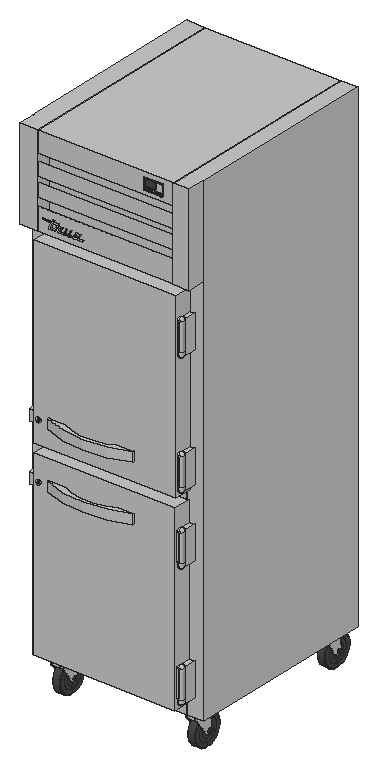
Revit family "QF_TRUE_STG1H-2HS", category Specialty Equipment, Revit 2012
Parameters
  Weight in Pounds = 0
  Watts = 1500 W
  Volts = 208 V
  URL Cutsheet = "www.truemfg.com"
  URL = "www.truemfg.com"
  Type Mark [instance] = ""
  Type Comments = ""
  Status [instance] = ""
  Specification by User [instance] = ""
  Specification by Manufacturer = ""
  Show Seismic Flanged [instance] = no
  Show Logo [instance] = yes
  Show Legs [instance] = no
  Show Clearance [instance] = yes
  Serial Number = ""
  Seismic Rating = ""
  Seismic Plate [instance] = and(Show Seismic Flanged, not(Show Casters))  # no
  SMACNA No = ""
  Revision Code [instance] = ""
  Phase = 1
  Omniclass Number and Title = ""
  Number of Poles [instance] = 1
  NAFEM Spec ID Number = ""
  Model = "STG1H-2HS"
  Min Ckt Ampacity = 0 A
  Max Overcurrent Protection = 0 A
  Masterspec = ""
  Manufacturer = "TRUE FOOD SERVICE EQUIPMENT, INC."
  Length = 27 1/2"
  Legs [instance] = or(Show Legs, Show Seismic Flanged)  # no
  Item Number [instance] = ""
  Installed By [instance] = ""
  Identify Quantity as Lot [instance] = yes
  Height = 77 3/4"
  HP = ""
  Furnished By [instance] = ""
  Foodservice Equipment Identifier [instance] = yes
  FL Amps = Watts / Volts  # 7.21154 A
  Electrical Remarks = "208-230/60/1"
  Electric Connection Type [instance] = ""
  Elec Conn RI Height [instance] = 0"
  Elec Conn Connection Height [instance] = 0"
  Description = "REACH-IN SOLID HALF SWING DOOR HEATED CABINET WITH LED LIGHTING"
  Depth = 33 3/4"
  Cycle = 60 Hz
  Conn Plug = "6-15P"
  Conn Conduit = yes
  Show Casters [instance] = and(not(if(Show Legs, Show Legs, Show Legs)), not(if(Show Legs, Show Legs, Show Seismic Flanged)))  # yes
  CSI MasterFormat = ""
  CSI Master Format = ""
  Apparent Power = if(Phase = 3, Volts * FL Amps * 1.73, Volts * FL Amps)  # 1500 VA
Reference planes (in)
  plane 1 "BACK": y = 0
  plane 2: z = 0
  plane 3 "LEFT": x = 0
  plane 4 "RIGHT": x = 27.5
  plane 5 "FRONT": y = -33.75
  plane 6 "TOP": z = 84.125
  plane 7: z = 6.125
  plane 8: x = 2.84375
  plane 9: y = -33.7042
  plane 10: y = -56.78125
Forms (in)
  Extrusion 1, solid, material "QF_Finishes_Stainless Steel"
    sketch origin (0.05, 0, 0) x (1, 0, 0) y (0, 1, 0)
      loop
        line (-0.05, 0) -> (-0.05, -31) -> (2.87859, -31) -> (2.87859, 0) -> (-0.05, 0)
    from 6.125 to 84.125
  Extrusion 2, solid, material "QF_Finishes_Stainless Steel"
    sketch origin (50.15, 0, 0) x (1, 0, 0) y (0, 1, 0)
      loop
        line (-25.35, 0) -> (-25.35, -31) -> (-22.65, -31) -> (-22.65, 0) -> (-25.35, 0)
    from 6.125 to 84.125
  Extrusion 3, solid, material "QF_Finishes_Stainless Steel"
    sketch origin (0, 0, 0) x (0, 1, 0) y (0, 0, 1)
      loop
        line (-33.7042, 69.5) -> (-31, 69.5) -> (-31, 6.125) -> (0, 6.125) -> (0, 84.125) -> (-33.7042, 84.125) -> (-33.7042, 80.78078) -> (-31.5, 79.21352) -> (-31.5, 78.09125) -> (-33.7042, 79.65851) -> (-33.7042, 77.5248) -> (-31.5, 75.95754) -> (-31.5, 74.99678) -> (-33.7042, 76.56404) -> (-33.7042, 74.46784) -> (-31.5, 72.90057) -> (-31.5, 71.625) -> (-33.7042, 73.19226) -> (-33.7042, 69.5)
    from 2.92859 to 24.8
  Extrusion 4, solid, material "QF_Finishes_Stainless Steel"
    sketch origin (0, 0, 0) x (1, 0, 0) y (0, 1, 0)
      loop
        line (27.34782, -31) -> (24.8, -31) -> (24.8, -33.75) -> (27.34782, -33.75) -> (27.34782, -31)
    from 69.5 to 84.125
  Extrusion 5, solid, material "QF_Finishes_Stainless Steel"
    sketch origin (-50.125, 0, 0.25) x (1, 0, 0) y (0, 1, 0)
      loop
        line (53.05359, -31) -> (50.24109, -31) -> (50.24109, -33.75) -> (53.05359, -33.75) -> (53.05359, -31)
    from 69.25 to 83.875
  Extrusion 6, solid, material "QF_Finishes_Stainless Steel"
    sketch origin (-24.96875, 0, -0.71875) x (1, 0, 0) y (0, 0, 1)
      loop
        line (27.25, 8.75) -> (50.09375, 8.75) -> (50.09375, 37.96875) -> (27.25, 37.96875) -> (27.25, 8.75)
      loop
        line (27.25, 68.6875) -> (27.25, 39.46875) -> (50.1875, 39.46875) -> (50.1875, 68.6875) -> (27.25, 68.6875)
    from 31 to 33.75
  Extrusion 7, solid, material "QF_Finishes_Stainless Steel"
    sketch origin (58.63246, -0.25, 30.74532) x (1, 0, 0) y (0, 1, 0)
      loop
        line (-53.875, -33.5) -> (-53.875, -33.7)
        arc (-53.875, -33.7) -> (-47.075, -35.14405) -> (-40.275, -33.7) r 16.7325
        line (-40.275, -33.7) -> (-40.275, -33.5) -> (-42.675, -33.5)
        arc (-42.675, -33.5) -> (-47.075, -34.65816) -> (-51.475, -33.5) r 8.93715
        line (-51.475, -33.5) -> (-53.875, -33.5)
    from 10.87731 to 12.37731
  Extrusion 8, solid, material "QF_Finishes_Stainless Steel"
    sketch origin (-23.375, 0, 2.25) x (1, 0, 0) y (0, 0, 1)
      loop
        circle (26.4375, 40.0625) r 0.35
      loop
        line (26.47265, 40.33635) -> (26.41715, 40.33635) -> (26.41715, 39.76895) -> (26.47265, 39.76895) -> (26.47265, 40.33635)
    from 33.5 to 33.83066
  Extrusion 9, solid, material "QF_Finishes_Stainless Steel", visible <- "Show Logo"
    sketch origin (0.33478, 1.08173, -6.73143) x (1, 0, 0) y (0, 0, 1)
      loop
        line (3.46044, 78.46231) -> (3.35478, 78.23573) -> (4.76027, 78.23573)
        arc (4.76027, 78.23573) -> (4.78879, 78.18528) -> (4.76027, 78.13484) r 0.05887
        line (4.76027, 78.13484) -> (4.39369, 77.34872)
        arc (4.39369, 77.34872) -> (4.39051, 77.27591) -> (4.43975, 77.22217) r 0.09523
        line (4.43975, 77.22217) -> (5.33844, 77.22217)
        arc (5.33844, 77.22217) -> (5.45192, 77.25795) -> (5.52436, 77.35235) r 0.19785
        line (5.52436, 77.35235) -> (5.81285, 77.97101) -> (6.0779, 77.97101)
        arc (6.0779, 77.97101) -> (6.14744, 77.94543) -> (6.13737, 77.87203) r 0.05911
        line (6.13737, 77.87203) -> (5.89598, 77.35437)
        arc (5.89598, 77.35437) -> (5.89974, 77.2684) -> (5.97231, 77.22217) r 0.09318
        line (5.97231, 77.22217) -> (6.76198, 77.22217)
        arc (6.76198, 77.22217) -> (6.82249, 77.24419) -> (6.85468, 77.29995) r 0.09412
        arc (6.85468, 77.29995) -> (6.87746, 77.24495) -> (6.93246, 77.22217) r 0.07778
        line (6.93246, 77.22217) -> (7.43246, 77.22217)
        arc (7.43246, 77.22217) -> (7.49022, 77.23765) -> (7.53251, 77.27993) r 0.11552
        arc (7.53251, 77.27993) -> (7.55275, 77.23106) -> (7.60162, 77.21081) r 0.06912
        line (7.60162, 77.21081) -> (8.31225, 77.21081)
        arc (8.31225, 77.21081) -> (8.37034, 77.23488) -> (8.39441, 77.29297) r 0.08216
        arc (8.39441, 77.29297) -> (8.44767, 77.23972) -> (8.52042, 77.22022) r 0.14551
        line (8.52042, 77.22022) -> (9.85158, 77.22022) -> (9.99946, 77.47634) -> (8.65678, 77.47634)
        arc (8.65678, 77.47634) -> (8.61972, 77.50204) -> (8.61834, 77.54711) r 0.05009
        line (8.61834, 77.54711) -> (8.64157, 77.59692)
        arc (8.64157, 77.59692) -> (8.67723, 77.64364) -> (8.73327, 77.66135) r 0.09747
        line (8.73327, 77.66135) -> (9.16485, 77.66135)
        arc (9.16485, 77.66135) -> (9.258, 77.68631) -> (9.32619, 77.7545) r 0.1863
        line (9.32619, 77.7545) -> (9.45119, 77.97101)
        arc (9.45119, 77.97101) -> (9.45119, 78.08657) -> (9.35111, 78.14434) r 0.11556
        line (9.35111, 78.14434) -> (8.89562, 78.14434)
        arc (8.89562, 78.14434) -> (8.7795, 78.12462) -> (8.69849, 78.03912) r 0.18605
        line (8.69849, 78.03912) -> (8.48204, 77.57493)
        arc (8.48204, 77.57493) -> (8.41815, 77.49167) -> (8.31806, 77.46011) r 0.1745
        line (8.31806, 77.46011) -> (7.84559, 77.46011)
        arc (7.84559, 77.46011) -> (7.78903, 77.52184) -> (7.79268, 77.60548) r 0.10939
        line (7.79268, 77.60548) -> (8.04395, 78.14434) -> (7.88403, 78.14434) -> (7.61781, 77.57344)
        arc (7.61781, 77.57344) -> (7.56609, 77.50603) -> (7.48505, 77.48048) r 0.14128
        line (7.48505, 77.48048) -> (7.15925, 77.48048)
        arc (7.15925, 77.48048) -> (7.10419, 77.55223) -> (7.116, 77.64189) r 0.11816
        line (7.116, 77.64189) -> (7.3503, 78.14434) -> (7.18514, 78.14434) -> (6.91546, 77.566)
        arc (6.91546, 77.566) -> (6.85285, 77.50339) -> (6.76733, 77.48048) r 0.17104
        line (6.76733, 77.48048) -> (6.29555, 77.48048)
        arc (6.29555, 77.48048) -> (6.21082, 77.51999) -> (6.20267, 77.61313) r 0.0935
        line (6.20267, 77.61313) -> (6.35774, 77.94569) -> (6.57695, 77.94569)
        arc (6.57695, 77.94569) -> (6.61395, 78.05717) -> (6.69267, 78.14434) r 0.2857
        line (6.69267, 78.14434) -> (5.83605, 78.14434)
        arc (5.83605, 78.14434) -> (5.74086, 78.12324) -> (5.67498, 78.05135) r 0.16212
        line (5.67498, 78.05135) -> (5.44279, 77.55341)
        arc (5.44279, 77.55341) -> (5.3894, 77.50002) -> (5.31647, 77.48048) r 0.14586
        line (5.31647, 77.48048) -> (4.80506, 77.48048)
        arc (4.80506, 77.48048) -> (4.76514, 77.53442) -> (4.77274, 77.60109) r 0.09155
        line (4.77274, 77.60109) -> (5.11018, 78.23573) -> (5.96155, 78.23573) -> (6.06721, 78.46231) -> (5.21584, 78.46231) -> (5.32149, 78.68888) -> (5.01862, 78.68888) -> (4.91297, 78.46231) -> (3.46044, 78.46231)
      loop
        arc (8.83805, 77.93863) -> (8.80119, 77.92875) -> (8.7742, 77.90176) r 0.07373
        line (8.7742, 77.90176) -> (8.75229, 77.83436)
        arc (8.75229, 77.83436) -> (8.76245, 77.80983) -> (8.78699, 77.79966) r 0.0347
        line (8.78699, 77.79966) -> (9.15948, 77.79966)
        arc (9.15948, 77.79966) -> (9.18632, 77.80561) -> (9.20812, 77.82234) r 0.0635
        line (9.20812, 77.82234) -> (9.22624, 77.90622)
        arc (9.22624, 77.90622) -> (9.22091, 77.92868) -> (9.20009, 77.93863) r 0.02676
        line (9.20009, 77.93863) -> (8.83805, 77.93863)
    from 34.76797 to 34.83173
  Extrusion 10, solid, material "QF_Finishes_White"
    sketch origin (-23.16691, 1.06376, 1.58022) x (1, 0, 0) y (0, 0, 1)
      loop
        line (43.31732, 81.73227) -> (43.31732, 79.98496) -> (46.22357, 79.98496) -> (46.22357, 81.73227) -> (43.31732, 81.73227)
    from 34.75 to 34.76797
  Extrusion 11, solid, material "QF_Finishes_Black"
    sketch origin (-23.16691, 1.06376, 1.58022) x (1, 0, 0) y (0, 0, 1)
      loop
        line (46.28607, 81.79477) -> (43.25482, 81.79477) -> (43.25482, 79.92246) -> (46.28607, 79.92246) -> (46.28607, 81.79477)
      loop
        spline (43.45482, 80.25372) -> (43.46333, 80.23754) -> (43.48831, 80.22247) -> (43.52804, 80.20952) -> (43.57982, 80.19959) -> (43.64011, 80.19335) -> (43.70482, 80.19122) -> (43.76952, 80.19335) -> (43.82982, 80.19959) -> (43.88159, 80.20952) -> (43.92132, 80.22247) -> (43.9463, 80.23754) -> (43.95482, 80.25372)
        spline (43.95482, 80.25372) -> (43.9463, 80.26989) -> (43.92132, 80.28497) -> (43.88159, 80.29791) -> (43.82982, 80.30784) -> (43.76952, 80.31409) -> (43.70482, 80.31622) -> (43.64011, 80.31409) -> (43.57982, 80.30784) -> (43.52804, 80.29791) -> (43.48831, 80.28497) -> (43.46333, 80.26989) -> (43.45482, 80.25372)
      loop
        spline (44.15083, 80.25372) -> (44.15935, 80.23754) -> (44.18432, 80.22247) -> (44.22405, 80.20952) -> (44.27583, 80.19959) -> (44.33612, 80.19335) -> (44.40083, 80.19122) -> (44.46553, 80.19335) -> (44.52583, 80.19959) -> (44.57761, 80.20952) -> (44.61734, 80.22247) -> (44.64231, 80.23754) -> (44.65083, 80.25372)
        spline (44.65083, 80.25372) -> (44.64231, 80.26989) -> (44.61734, 80.28497) -> (44.57761, 80.29791) -> (44.52583, 80.30784) -> (44.46553, 80.31409) -> (44.40083, 80.31622) -> (44.33612, 80.31409) -> (44.27583, 80.30784) -> (44.22405, 80.29791) -> (44.18432, 80.28497) -> (44.15935, 80.26989) -> (44.15083, 80.25372)
      loop
        spline (44.90083, 80.25372) -> (44.90935, 80.23754) -> (44.93432, 80.22247) -> (44.97405, 80.20952) -> (45.02583, 80.19959) -> (45.08612, 80.19335) -> (45.15083, 80.19122) -> (45.21553, 80.19335) -> (45.27583, 80.19959) -> (45.32761, 80.20952) -> (45.36734, 80.22247) -> (45.39231, 80.23754) -> (45.40083, 80.25372)
        spline (45.40083, 80.25372) -> (45.39231, 80.26989) -> (45.36734, 80.28497) -> (45.32761, 80.29791) -> (45.27583, 80.30784) -> (45.21553, 80.31409) -> (45.15083, 80.31622) -> (45.08612, 80.31409) -> (45.02583, 80.30784) -> (44.97405, 80.29791) -> (44.93432, 80.28497) -> (44.90935, 80.26989) -> (44.90083, 80.25372)
      loop
        line (43.45481, 81.59478) -> (43.45481, 80.59478) -> (45.15433, 80.59478) -> (45.15433, 81.59478) -> (43.45481, 81.59478)
      loop
        line (46.22357, 81.73227) -> (43.31732, 81.73227) -> (43.31732, 79.98496) -> (46.22357, 79.98496) -> (46.22357, 81.73227)
      loop
        spline (45.65083, 80.25372) -> (45.65935, 80.23754) -> (45.68432, 80.22247) -> (45.72405, 80.20952) -> (45.77583, 80.19959) -> (45.83612, 80.19335) -> (45.90083, 80.19122) -> (45.96553, 80.19335) -> (46.02583, 80.19959) -> (46.07761, 80.20952) -> (46.11734, 80.22247) -> (46.14231, 80.23754) -> (46.15083, 80.25372)
        spline (46.15083, 80.25372) -> (46.14231, 80.26989) -> (46.11734, 80.28497) -> (46.07761, 80.29791) -> (46.02583, 80.30784) -> (45.96553, 80.31409) -> (45.90083, 80.31622) -> (45.83612, 80.31409) -> (45.77583, 80.30784) -> (45.72405, 80.29791) -> (45.68432, 80.28497) -> (45.65935, 80.26989) -> (45.65083, 80.25372)
    from 34.76797 to 34.80335
  Extrusion 12, solid, material "QF_Finishes_Stainless Steel"
    sketch origin (-25.125, 0, 0) x (1, 0, 0) y (0, 0, 1)
      loop
        circle (49.375, 82) r 0.25
    from 0 to 0.0625
  Blend 13, solid, material "QF_Finishes_Stainless Steel"
    base sketch origin (27.53125, 0, 4.25) x (-1, 0, 0) y (0, 0, -1)
      loop
        line (25.25, -38.99169) -> (26, -38.99169) -> (26, -37.24169) -> (25.25, -37.24169) -> (25.25, -38.99169)
    top sketch origin (27.53125, 0, 4.25) x (-1, 0, 0) y (0, 0, -1)
      loop
        line (26.18223, -36.6441) -> (25.25, -36.6441) -> (25.25, -39.42643) -> (26.18223, -39.42643) -> (26.18223, -36.6441)
    from 33.57883 to 31
  Extrusion 14, solid, material "QF_Finishes_Stainless Steel"
    sketch origin (26.1875, 0, 0) x (0, 1, 0) y (0, 0, -1)
      loop
        line (-31, -64.55229) -> (-31, -59.23627) -> (-33.25, -59.23627) -> (-33.25, -59.94848) -> (-32.81497, -59.94848) -> (-32.81497, -64.34776)
        arc (-32.81497, -64.34776) -> (-32.75506, -64.49238) -> (-32.61044, -64.55229) r 0.20453
        line (-32.61044, -64.55229) -> (-31, -64.55229)
    from 0.17506 to 1
  Revolve 15, solid, material "QF_Finishes_Stainless Steel"
    sketch origin (25.6875, 0, 0) x (0, 1, 0) y (0, 0, -1)
      loop
        line (-33.26563, -60.00189) -> (-33.67229, -60.00189) -> (-33.67229, -64.4736)
        arc (-33.67229, -64.4736) -> (-33.53722, -64.72557) -> (-33.26563, -64.81483) r 0.3848
        line (-33.26563, -64.81483) -> (-33.26563, -60.00189)
      loop
        line (-33.26563, -59.94848) -> (-33.26563, -59.04781)
        arc (-33.26563, -59.04781) -> (-33.53264, -59.13383) -> (-33.67229, -59.37712) r 0.38884
        line (-33.67229, -59.37712) -> (-33.67229, -59.94848) -> (-33.26563, -59.94848)
      axis (-33.26563, -59.04781) -> (-33.26563, -64.81483)
    angle from 0 to 360
  Extrusion 16, solid, material "QF_Finishes_Stainless Steel"
    sketch origin (27.5, 0, 0) x (-1, 0, 0) y (0, 0, -1)
      loop
        line (1.91491, -64.4736) -> (2.3125, -64.4736) -> (2.3125, -60.00079) -> (1.91491, -60.00079) -> (1.91491, -64.4736)
    from 32.81497 to 33.59495
  Extrusion 17, solid, material "QF_Finishes_Stainless Steel"
    sketch origin (26.1875, 0, -19.5) x (0, 1, 0) y (0, 0, -1)
      loop
        line (-31, -64.55229) -> (-31, -59.23627) -> (-33.25, -59.23627) -> (-33.25, -59.94848) -> (-32.81497, -59.94848) -> (-32.81497, -64.34776)
        arc (-32.81497, -64.34776) -> (-32.75506, -64.49238) -> (-32.61044, -64.55229) r 0.20453
        line (-32.61044, -64.55229) -> (-31, -64.55229)
    from 0.17506 to 1
  Revolve 18, solid, material "QF_Finishes_Stainless Steel"
    sketch origin (25.6875, 0, -19.5) x (0, 1, 0) y (0, 0, -1)
      loop
        line (-33.26563, -60.00189) -> (-33.67229, -60.00189) -> (-33.67229, -64.4736)
        arc (-33.67229, -64.4736) -> (-33.53722, -64.72557) -> (-33.26563, -64.81483) r 0.3848
        line (-33.26563, -64.81483) -> (-33.26563, -60.00189)
      loop
        line (-33.26563, -59.94848) -> (-33.26563, -59.04781)
        arc (-33.26563, -59.04781) -> (-33.53264, -59.13383) -> (-33.67229, -59.37712) r 0.38884
        line (-33.67229, -59.37712) -> (-33.67229, -59.94848) -> (-33.26563, -59.94848)
      axis (-33.26563, -59.04781) -> (-33.26563, -64.81483)
    angle from 0 to 360
  Extrusion 19, solid, material "QF_Finishes_Stainless Steel"
    sketch origin (27.5, 0, -19.5) x (-1, 0, 0) y (0, 0, -1)
      loop
        line (1.91491, -64.4736) -> (2.3125, -64.4736) -> (2.3125, -60.00079) -> (1.91491, -60.00079) -> (1.91491, -64.4736)
    from 32.81497 to 33.59495
  Extrusion 20, solid, material "QF_Finishes_Stainless Steel"
    sketch origin (26.1875, 0, -30.5) x (0, 1, 0) y (0, 0, -1)
      loop
        line (-31, -64.55229) -> (-31, -59.23627) -> (-33.25, -59.23627) -> (-33.25, -59.94848) -> (-32.81497, -59.94848) -> (-32.81497, -64.34776)
        arc (-32.81497, -64.34776) -> (-32.75506, -64.49238) -> (-32.61044, -64.55229) r 0.20453
        line (-32.61044, -64.55229) -> (-31, -64.55229)
    from 0.17506 to 1
  Revolve 21, solid, material "QF_Finishes_Stainless Steel"
    sketch origin (25.6875, 0, -30.5) x (0, 1, 0) y (0, 0, -1)
      loop
        line (-33.26563, -60.00189) -> (-33.67229, -60.00189) -> (-33.67229, -64.4736)
        arc (-33.67229, -64.4736) -> (-33.53722, -64.72557) -> (-33.26563, -64.81483) r 0.3848
        line (-33.26563, -64.81483) -> (-33.26563, -60.00189)
      loop
        line (-33.26563, -59.94848) -> (-33.26563, -59.04781)
        arc (-33.26563, -59.04781) -> (-33.53264, -59.13383) -> (-33.67229, -59.37712) r 0.38884
        line (-33.67229, -59.37712) -> (-33.67229, -59.94848) -> (-33.26563, -59.94848)
      axis (-33.26563, -59.04781) -> (-33.26563, -64.81483)
    angle from 0 to 360
  Extrusion 22, solid, material "QF_Finishes_Stainless Steel"
    sketch origin (27.5, 0, -30.5) x (-1, 0, 0) y (0, 0, -1)
      loop
        line (1.91491, -64.4736) -> (2.3125, -64.4736) -> (2.3125, -60.00079) -> (1.91491, -60.00079) -> (1.91491, -64.4736)
    from 32.81497 to 33.59495
  Extrusion 23, solid, material "QF_Finishes_Stainless Steel"
    sketch origin (26.1875, 0, -50.25) x (0, 1, 0) y (0, 0, -1)
      loop
        line (-31, -64.55229) -> (-31, -59.23627) -> (-33.25, -59.23627) -> (-33.25, -59.94848) -> (-32.81497, -59.94848) -> (-32.81497, -64.34776)
        arc (-32.81497, -64.34776) -> (-32.75506, -64.49238) -> (-32.61044, -64.55229) r 0.20453
        line (-32.61044, -64.55229) -> (-31, -64.55229)
    from 0.17506 to 1
  Revolve 24, solid, material "QF_Finishes_Stainless Steel"
    sketch origin (25.6875, 0, -50.25) x (0, 1, 0) y (0, 0, -1)
      loop
        line (-33.26563, -60.00189) -> (-33.67229, -60.00189) -> (-33.67229, -64.4736)
        arc (-33.67229, -64.4736) -> (-33.53722, -64.72557) -> (-33.26563, -64.81483) r 0.3848
        line (-33.26563, -64.81483) -> (-33.26563, -60.00189)
      loop
        line (-33.26563, -59.94848) -> (-33.26563, -59.04781)
        arc (-33.26563, -59.04781) -> (-33.53264, -59.13383) -> (-33.67229, -59.37712) r 0.38884
        line (-33.67229, -59.37712) -> (-33.67229, -59.94848) -> (-33.26563, -59.94848)
      axis (-33.26563, -59.04781) -> (-33.26563, -64.81483)
    angle from 0 to 360
  Extrusion 25, solid, material "QF_Finishes_Stainless Steel"
    sketch origin (27.5, 0, -50.25) x (-1, 0, 0) y (0, 0, -1)
      loop
        line (1.91491, -64.4736) -> (2.3125, -64.4736) -> (2.3125, -60.00079) -> (1.91491, -60.00079) -> (1.91491, -64.4736)
    from 32.81497 to 33.59495
  Revolve 26, solid, material "QF_Finishes_Black", visible <- "Show Casters"
    sketch origin (22.65625, -27.375, 0) x (1, 0, 0) y (0, 0, 1)
      loop
        line (1.475, 5) -> (1.375, 4.9) -> (1.375, 4.29941) -> (1.53601, 4.29941) -> (1.53601, 3.54941) -> (1.375, 3.54941) -> (1.375, 2.79941) -> (0.975, 2.79941) -> (0.975, 2.5) -> (3.025, 2.5) -> (3.025, 2.79941) -> (2.62908, 2.79941) -> (2.62908, 3.54941) -> (2.46399, 3.54941) -> (2.46399, 4.29941) -> (2.62908, 4.29941) -> (2.62908, 4.89592) -> (2.525, 5) -> (1.475, 5)
      axis (3.025, 2.5) -> (0.975, 2.5)
    angle from 0 to 360
  Extrusion 27, solid, material "QF_Finishes_Stainless Steel", visible <- "Show Casters"
    sketch origin (22.5625, 0, 0) x (0, 1, 0) y (0, 0, 1)
      loop
        line (-29.95136, 5.48574) -> (-29.95136, 4.88089) -> (-29.70136, 4.88089) -> (-27.95216, 2.18736)
        arc (-27.95216, 2.18736) -> (-27.23883, 1.94868) -> (-26.84581, 2.59003) r 0.60416
        line (-26.84581, 2.59003) -> (-27.20136, 5.48574) -> (-29.95136, 5.48574)
      loop
        line (-3.8577, 5.48574) -> (-3.8577, 4.88089) -> (-3.6077, 4.88089) -> (-1.8585, 2.18736)
        arc (-1.8585, 2.18736) -> (-1.14517, 1.94868) -> (-0.75215, 2.59003) r 0.60416
        line (-0.75215, 2.59003) -> (-1.1077, 5.48574) -> (-3.8577, 5.48574)
    from 1.175 to 1.325
  Extrusion 28, solid, material "QF_Finishes_Stainless Steel", visible <- "Show Casters"
    sketch origin (24.0625, 0, 0) x (0, 1, 0) y (0, 0, 1)
      loop
        line (-29.95136, 5.48574) -> (-29.95136, 4.88089) -> (-29.70136, 4.88089) -> (-27.95216, 2.18736)
        arc (-27.95216, 2.18736) -> (-27.23883, 1.94868) -> (-26.84581, 2.59003) r 0.60416
        line (-26.84581, 2.59003) -> (-27.20136, 5.48574) -> (-29.95136, 5.48574)
      loop
        line (-3.8577, 5.48574) -> (-3.8577, 4.88089) -> (-3.6077, 4.88089) -> (-1.8585, 2.18736)
        arc (-1.8585, 2.18736) -> (-1.14517, 1.94868) -> (-0.75215, 2.59003) r 0.60416
        line (-0.75215, 2.59003) -> (-1.1077, 5.48574) -> (-3.8577, 5.48574)
    from 1.175 to 1.325
  Revolve 29, solid, material "QF_Finishes_Stainless Steel", visible <- "Show Casters"
    sketch origin (22.65625, -28.5625, -0.5) x (1, 0, 0) y (0, 0, 1)
      loop
        line (2, 5.99546) -> (2, 6.62359) -> (0.70293, 6.62359) -> (0.70293, 5.99546) -> (2, 5.99546)
      axis (2, 5.99546) -> (2, 6.62359)
    angle from 0 to 360
  Revolve 30, solid, material "QF_Finishes_Stainless Steel", visible <- "Legs"
    sketch origin (22.65625, -2.69102, 0) x (1, 0, 0) y (0, 0, 1)
      loop
        line (2, 6.125) -> (0.66662, 6.125) -> (1.25, 1) -> (1.5, 1) -> (1.5, 0) -> (2, 0) -> (2, 6.125)
      axis (2, 0) -> (2, 6.125)
    angle from 0 to 360
  Revolve 31, solid, material "QF_Finishes_Stainless Steel", visible <- "Legs"
    sketch origin (22.65625, -28.65977, 0) x (1, 0, 0) y (0, 0, 1)
      loop
        line (2, 6.125) -> (0.66662, 6.125) -> (1.25, 1) -> (1.5, 1) -> (1.5, 0) -> (2, 0) -> (2, 6.125)
      axis (2, 0) -> (2, 6.125)
    angle from 0 to 360
  Revolve 32, solid, material "QF_Finishes_Stainless Steel", visible <- "Show Casters"
    sketch origin (22.65625, -2.70321, -0.5) x (1, 0, 0) y (0, 0, 1)
      loop
        line (2, 5.99546) -> (2, 6.62359) -> (0.70293, 6.62359) -> (0.70293, 5.99546) -> (2, 5.99546)
      axis (2, 5.99546) -> (2, 6.62359)
    angle from 0 to 360
  Extrusion 33, solid, material "QF_Finishes_Stainless Steel", visible <- "Show Casters"
    sketch origin (-25.21875, 0, 0) x (0, 1, 0) y (0, 0, 1)
      loop
        line (-29.95136, 5.48574) -> (-29.95136, 4.88089) -> (-29.70136, 4.88089) -> (-27.16533, 5.19227) -> (-27.20136, 5.48574) -> (-29.95136, 5.48574)
      loop
        line (-3.8577, 5.48574) -> (-3.8577, 4.88089) -> (-3.6077, 4.88089) -> (-1.07167, 5.19227) -> (-1.1077, 5.48574) -> (-3.8577, 5.48574)
    from 49.10625 to 50.45625
  Revolve 34, solid, material "QF_Finishes_Black", visible <- "Show Casters"
    sketch origin (22.65625, -1.21875, 0) x (1, 0, 0) y (0, 0, 1)
      loop
        line (1.475, 5) -> (1.375, 4.9) -> (1.375, 4.29941) -> (1.53601, 4.29941) -> (1.53601, 3.54941) -> (1.375, 3.54941) -> (1.375, 2.79941) -> (0.975, 2.79941) -> (0.975, 2.5) -> (3.025, 2.5) -> (3.025, 2.79941) -> (2.62908, 2.79941) -> (2.62908, 3.54941) -> (2.46399, 3.54941) -> (2.46399, 4.29941) -> (2.62908, 4.29941) -> (2.62908, 4.89592) -> (2.525, 5) -> (1.475, 5)
      axis (3.025, 2.5) -> (0.975, 2.5)
    angle from 0 to 360
  Revolve 35, solid, material "QF_Finishes_Black", visible <- "Show Casters"
    sketch origin (0.84375, -27.375, 0) x (1, 0, 0) y (0, 0, 1)
      loop
        line (1.475, 5) -> (1.375, 4.9) -> (1.375, 4.29941) -> (1.53601, 4.29941) -> (1.53601, 3.54941) -> (1.375, 3.54941) -> (1.375, 2.79941) -> (0.975, 2.79941) -> (0.975, 2.5) -> (3.025, 2.5) -> (3.025, 2.79941) -> (2.62908, 2.79941) -> (2.62908, 3.54941) -> (2.46399, 3.54941) -> (2.46399, 4.29941) -> (2.62908, 4.29941) -> (2.62908, 4.89592) -> (2.525, 5) -> (1.475, 5)
      axis (3.025, 2.5) -> (0.975, 2.5)
    angle from 0 to 360
  Extrusion 36, solid, material "QF_Finishes_Stainless Steel", visible <- "Show Casters"
    sketch origin (0.84375, 0, 0) x (0, 1, 0) y (0, 0, 1)
      loop
        line (-29.95136, 5.48574) -> (-29.95136, 4.88089) -> (-29.70136, 4.88089) -> (-27.95216, 2.18736)
        arc (-27.95216, 2.18736) -> (-27.23883, 1.94868) -> (-26.84581, 2.59003) r 0.60416
        line (-26.84581, 2.59003) -> (-27.20136, 5.48574) -> (-29.95136, 5.48574)
      loop
        line (-3.8577, 5.48574) -> (-3.8577, 4.88089) -> (-3.6077, 4.88089) -> (-1.8585, 2.18736)
        arc (-1.8585, 2.18736) -> (-1.14517, 1.94868) -> (-0.75215, 2.59003) r 0.60416
        line (-0.75215, 2.59003) -> (-1.1077, 5.48574) -> (-3.8577, 5.48574)
    from 1.175 to 1.325
  Extrusion 37, solid, material "QF_Finishes_Stainless Steel", visible <- "Show Casters"
    sketch origin (2.34375, 0, 0) x (0, 1, 0) y (0, 0, 1)
      loop
        line (-29.95136, 5.48574) -> (-29.95136, 4.88089) -> (-29.70136, 4.88089) -> (-27.95216, 2.18736)
        arc (-27.95216, 2.18736) -> (-27.23883, 1.94868) -> (-26.84581, 2.59003) r 0.60416
        line (-26.84581, 2.59003) -> (-27.20136, 5.48574) -> (-29.95136, 5.48574)
      loop
        line (-3.8577, 5.48574) -> (-3.8577, 4.88089) -> (-3.6077, 4.88089) -> (-1.8585, 2.18736)
        arc (-1.8585, 2.18736) -> (-1.14517, 1.94868) -> (-0.75215, 2.59003) r 0.60416
        line (-0.75215, 2.59003) -> (-1.1077, 5.48574) -> (-3.8577, 5.48574)
    from 1.175 to 1.325
  Revolve 38, solid, material "QF_Finishes_Stainless Steel", visible <- "Show Casters"
    sketch origin (0.84375, -28.5625, -0.5) x (1, 0, 0) y (0, 0, 1)
      loop
        line (2, 5.99546) -> (2, 6.62359) -> (0.70293, 6.62359) -> (0.70293, 5.99546) -> (2, 5.99546)
      axis (2, 5.99546) -> (2, 6.62359)
    angle from 0 to 360
  Revolve 39, solid, material "QF_Finishes_Stainless Steel", visible <- "Legs"
    sketch origin (0.84375, -2.69102, 0) x (1, 0, 0) y (0, 0, 1)
      loop
        line (2, 6.125) -> (0.66662, 6.125) -> (1.25, 1) -> (1.5, 1) -> (1.5, 0) -> (2, 0) -> (2, 6.125)
      axis (2, 0) -> (2, 6.125)
    angle from 0 to 360
  Revolve 40, solid, material "QF_Finishes_Stainless Steel", visible <- "Legs"
    sketch origin (0.84375, -28.65977, 0) x (1, 0, 0) y (0, 0, 1)
      loop
        line (2, 6.125) -> (0.66662, 6.125) -> (1.25, 1) -> (1.5, 1) -> (1.5, 0) -> (2, 0) -> (2, 6.125)
      axis (2, 0) -> (2, 6.125)
    angle from 0 to 360
  Revolve 41, solid, material "QF_Finishes_Stainless Steel", visible <- "Show Casters"
    sketch origin (0.84375, -2.70321, -0.5) x (1, 0, 0) y (0, 0, 1)
      loop
        line (2, 5.99546) -> (2, 6.62359) -> (0.70293, 6.62359) -> (0.70293, 5.99546) -> (2, 5.99546)
      axis (2, 5.99546) -> (2, 6.62359)
    angle from 0 to 360
  Extrusion 42, solid, material "QF_Finishes_Stainless Steel", visible <- "Show Casters"
    sketch origin (-46.9375, 0, 0) x (0, 1, 0) y (0, 0, 1)
      loop
        line (-29.95136, 5.48574) -> (-29.95136, 4.88089) -> (-29.70136, 4.88089) -> (-27.16533, 5.19227) -> (-27.20136, 5.48574) -> (-29.95136, 5.48574)
      loop
        line (-3.8577, 5.48574) -> (-3.8577, 4.88089) -> (-3.6077, 4.88089) -> (-1.07167, 5.19227) -> (-1.1077, 5.48574) -> (-3.8577, 5.48574)
    from 49.10625 to 50.45625
  Revolve 43, solid, material "QF_Finishes_Black", visible <- "Show Casters"
    sketch origin (0.84375, -1.21875, 0) x (1, 0, 0) y (0, 0, 1)
      loop
        line (1.475, 5) -> (1.375, 4.9) -> (1.375, 4.29941) -> (1.53601, 4.29941) -> (1.53601, 3.54941) -> (1.375, 3.54941) -> (1.375, 2.79941) -> (0.975, 2.79941) -> (0.975, 2.5) -> (3.025, 2.5) -> (3.025, 2.79941) -> (2.62908, 2.79941) -> (2.62908, 3.54941) -> (2.46399, 3.54941) -> (2.46399, 4.29941) -> (2.62908, 4.29941) -> (2.62908, 4.89592) -> (2.525, 5) -> (1.475, 5)
      axis (3.025, 2.5) -> (0.975, 2.5)
    angle from 0 to 360
  Extrusion 44, solid, material "QF_Door-Drawer Clearances", visible <- "Show Clearance", detail levels coarse
    sketch origin (26.42841, -3.6723, 0) x (1, 0, 0) y (0, 1, 0)
      loop
        line (-1.17841, -30.1402) -> (-24.14716, -30.1402)
        arc (-24.14716, -30.1402) -> (-17.41977, -46.38156) -> (-1.17841, -53.10895) r 22.96875
        line (-1.17841, -53.10895) -> (-1.17841, -30.1402)
    from 38.75 to 67.96875
  Extrusion 45, solid, material "QF_Finishes_Stainless Steel", visible <- "Seismic Plate"
    sketch origin (-0.22541, -26.96562, 0) x (1, 0, 0) y (0, 1, 0)
      loop
        circle (3.06916, -1.69416) r 1.5
    from 0 to 0.25
  Extrusion 46, solid, material "QF_Finishes_Stainless Steel", visible <- "Seismic Plate"
    sketch origin (-0.22541, -0.99687, 0) x (1, 0, 0) y (0, 1, 0)
      loop
        circle (3.06916, -1.69416) r 1.5
    from 0 to 0.25
  Extrusion 47, solid, material "QF_Finishes_Stainless Steel", visible <- "Seismic Plate"
    sketch origin (21.49334, -0.99687, 0) x (1, 0, 0) y (0, 1, 0)
      loop
        circle (3.16291, -1.69416) r 1.5
    from 0 to 0.25
  Extrusion 48, solid, material "QF_Finishes_Stainless Steel", visible <- "Seismic Plate"
    sketch origin (21.49334, -26.96562, 0) x (1, 0, 0) y (0, 1, 0)
      loop
        circle (3.16291, -1.69416) r 1.5
    from 0 to 0.25
  Extrusion 49, solid, material "QF_Finishes_Stainless Steel"
    sketch origin (-23.375, 0, 73.375) x (1, 0, 0) y (0, 0, 1)
      loop
        circle (26.4375, -40.0625) r 0.35
      loop
        line (26.47265, -40.33635) -> (26.47265, -39.76895) -> (26.41715, -39.76895) -> (26.41715, -40.33635) -> (26.47265, -40.33635)
    from 33.5 to 33.83066
  Blend 50, solid, material "QF_Finishes_Stainless Steel"
    base sketch origin (27.53125, 0, 71.375) x (-1, 0, 0) y (0, 0, -1)
      loop
        line (25.25, 38.99169) -> (25.25, 37.24169) -> (26, 37.24169) -> (26, 38.99169) -> (25.25, 38.99169)
    top sketch origin (27.53125, 0, 71.375) x (-1, 0, 0) y (0, 0, -1)
      loop
        line (26.18223, 36.6441) -> (26.18223, 39.42643) -> (25.25, 39.42643) -> (25.25, 36.6441) -> (26.18223, 36.6441)
    from 33.57883 to 31
  Extrusion 51, solid, material "QF_Finishes_Stainless Steel"
    sketch origin (58.63246, -0.25, 21.74532) x (1, 0, 0) y (0, 1, 0)
      loop
        line (-53.875, -33.5) -> (-53.875, -33.7)
        arc (-53.875, -33.7) -> (-47.075, -35.14405) -> (-40.275, -33.7) r 16.7325
        line (-40.275, -33.7) -> (-40.275, -33.5) -> (-42.675, -33.5)
        arc (-42.675, -33.5) -> (-47.075, -34.65816) -> (-51.475, -33.5) r 8.93715
        line (-51.475, -33.5) -> (-53.875, -33.5)
    from 10.87731 to 12.37731
  Extrusion 52, solid, material "QF_Door-Drawer Clearances", visible <- "Show Clearance", detail levels coarse
    sketch origin (26.42841, -3.6723, -30.71875) x (1, 0, 0) y (0, 1, 0)
      loop
        line (-1.17841, -30.1402) -> (-24.14716, -30.1402)
        arc (-24.14716, -30.1402) -> (-17.41977, -46.38156) -> (-1.17841, -53.10895) r 22.96875
        line (-1.17841, -53.10895) -> (-1.17841, -30.1402)
    from 38.75 to 67.96875
Cuts and joins
  joined: Extrusion 1, Extrusion 2, Extrusion 4, Extrusion 5
Lines and regions (in)
  symbolic lines
    curve 1: line (0, 0, 0) -> (27.5, 0, 0)
    curve 2: line (0, -33.75, 0) -> (0, 0, 0)
    curve 3: line (27.5, -33.75, 0) -> (0, -33.75, 0)
    curve 4: line (27.5, 0, 0) -> (27.5, -33.75, 0)
    curve 5: line (27.5, -31.5, 0) -> (0, -31.5, 0)
    curve 22: arc (15.95746, -33.75, 0) -> (11.55746, -34.90816, 0) -> (7.15746, -33.75, 0) r 8.93715
    curve 23: arc (4.75746, -33.95, 0) -> (11.55746, -35.39405, 0) -> (18.35746, -33.95, 0) r 16.7325
    curve 24: line (4.75746, -33.75, 0) -> (4.75746, -33.95, 0)
    curve 25: line (18.35746, -33.95, 0) -> (18.35746, -33.75, 0)
  symbolic lines, style "SpecialityEquipmentHiddenLines", visible <- "Show Casters"
    curve 6: line (3.82597, -24.4208, 0) -> (5.12501, -25.1708, 0)
    curve 7: line (1.20097, -28.96743, 0) -> (3.82597, -24.4208, 0)
    curve 8: line (2.50001, -29.71743, 0) -> (1.20097, -28.96743, 0)
    curve 9: line (5.12501, -25.1708, 0) -> (2.50001, -29.71743, 0)
    curve 10: line (3.82597, -0.4208, 0) -> (5.12501, -1.1708, 0)
    curve 11: line (1.20097, -4.96743, 0) -> (3.82597, -0.4208, 0)
    curve 12: line (2.50001, -5.71743, 0) -> (1.20097, -4.96743, 0)
    curve 13: line (5.12501, -1.1708, 0) -> (2.50001, -5.71743, 0)
    curve 14: line (24.73343, -0.4208, 0) -> (26.03247, -1.1708, 0)
    curve 15: line (22.10843, -4.96743, 0) -> (24.73343, -0.4208, 0)
    curve 16: line (23.40747, -5.71743, 0) -> (22.10843, -4.96743, 0)
    curve 17: line (26.03247, -1.1708, 0) -> (23.40747, -5.71743, 0)
    curve 18: line (24.82718, -24.52487, 0) -> (26.12622, -25.27487, 0)
    curve 19: line (22.20218, -29.07151, 0) -> (24.82718, -24.52487, 0)
    curve 20: line (23.50122, -29.82151, 0) -> (22.20218, -29.07151, 0)
    curve 21: line (26.12622, -25.27487, 0) -> (23.50122, -29.82151, 0)
  symbolic lines, style "QF_Door-Drawer Clearances"
    curve 26: line (25.25, -33.75, 0) -> (5.35848, -45.23438, 0)
    curve 27: arc (5.35848, -45.23438, 0) -> (3.06389, -39.69475, 0) -> (2.28125, -33.75, 0) r 22.96875
Dimensions and locks (in)
  "Depth": plane 5 "FRONT" to plane 1 "BACK"
  plane 7 to level = 6 1/8"
  plane 6 "TOP" to level = 84 1/8"
  plane 6 "TOP" to plane 7 = 78"
  plane 6 "TOP" to cut or joined group of Extrusion 1, Extrusion 2, Extrusion 4, Extrusion 5 = 14 5/8"
  Extrusion 6 sketch curve to Extrusion 6 sketch curve = 22 27/32"
  Extrusion 6 to plane 1 "BACK" = 33 3/4"
  "Length": plane 3 "LEFT" to plane 4 "RIGHT"
  plane 4 "RIGHT" to plane 3 "LEFT" = 27 1/2"
  plane 10 to plane 5 "FRONT" = 23 1/32"
  aligned and locked: level to plane 2
Automatic sketch dimensions
  Extrusion 1 sketch curve to plane 3 "LEFT" = 0"
  plane 1 "BACK" to Extrusion 1 sketch curve = 0"
  plane 8 to Extrusion 1 sketch curve = 0.08484"
  Extrusion 1 sketch curve to plane 5 "FRONT" = 2 3/4"
  plane 1 "BACK" to Extrusion 2 sketch curve = 0"
  Extrusion 2 sketch curve to plane 4 "RIGHT" = 0"
  Extrusion 2 sketch curve to plane 4 "RIGHT" = 2.7"
  Extrusion 2 sketch curve to plane 5 "FRONT" = 2 3/4"
  Extrusion 3 sketch curve to plane 9 = 0"  (x4)
  Extrusion 3 sketch curve to plane 6 "TOP" = 0"
  plane 9 to Extrusion 3 sketch curve = 2.2042"  (x2)
  Extrusion 3 sketch curve to Extrusion 3 sketch curve = 0"
  Extrusion 3 sketch curve to Extrusion 3 sketch curve = 1/2"
  plane 1 "BACK" to Extrusion 3 sketch curve = 0"
  Extrusion 3 sketch curve to plane 6 "TOP" = 3.34422"
  Extrusion 3 sketch curve to Extrusion 3 sketch curve = 1.12227"  (x2)
  Extrusion 3 sketch curve to Extrusion 3 sketch curve = 0.445"
  Extrusion 3 sketch curve to Extrusion 3 sketch curve = 2.13371"  (x2)
  Extrusion 3 sketch curve to Extrusion 3 sketch curve = 0.96076"  (x2)
  Extrusion 3 sketch curve to Extrusion 3 sketch curve = 2.0962"  (x2)
  Extrusion 3 sketch curve to Extrusion 3 sketch curve = 1.27557"  (x2)
  Extrusion 3 sketch curve to Extrusion 3 sketch curve = 2 1/8"
  Extrusion 3 sketch curve to plane 7 = 0"
  plane 5 "FRONT" to Extrusion 4 sketch curve = 0"
  Extrusion 4 sketch curve to plane 4 "RIGHT" = 2.7"
  Extrusion 4 sketch curve to plane 4 "RIGHT" = 0.15218"
  Extrusion 4 sketch curve to plane 5 "FRONT" = 2 3/4"
  plane 5 "FRONT" to Extrusion 5 sketch curve = 0"
  plane 3 "LEFT" to Extrusion 5 sketch curve = 0.11609"
  plane 8 to Extrusion 5 sketch curve = 0.08484"
  Extrusion 5 sketch curve to plane 5 "FRONT" = 2 3/4"
  Extrusion 6 sketch curve to plane 8 = 9/16"  (x2)
  Extrusion 6 sketch curve to plane 4 "RIGHT" = 2 9/32"
  plane 7 to Extrusion 6 sketch curve = 1 29/32"
  Extrusion 6 sketch curve to Extrusion 6 sketch curve = 29 7/32"
  Extrusion 6 sketch curve to Extrusion 6 sketch curve = 1 1/2"
  Extrusion 6 sketch curve to plane 6 "TOP" = 16 5/32"
  plane 5 "FRONT" to Extrusion 7 sketch curve = 0"  (x2)
  plane 8 to Extrusion 7 sketch curve = 1.91371"
  Extrusion 7 sketch curve to Extrusion 7 sketch curve = 2.4"  (x2)
  plane 8 to Extrusion 7 sketch curve = 8.71371"
  Extrusion 7 sketch curve to Extrusion 7 sketch curve = 0"
  Extrusion 7 sketch curve to Extrusion 7 sketch curve = 0.2"
  Extrusion 7 sketch curve to plane 5 "FRONT" = 7.77899"
  Extrusion 7 sketch curve to Extrusion 7 sketch curve = 7.30945"
  plane 8 to Extrusion 8 sketch curve = 0.1984"
  plane 8 to Extrusion 8 sketch curve = 7/32"
  Extrusion 8 sketch curve to Extrusion 8 sketch curve = 0.0555"
  plane 7 to Extrusion 8 sketch curve = 35.89395"
  Extrusion 8 sketch curve to Extrusion 8 sketch curve = 0.29355"
  Extrusion 8 sketch curve to Extrusion 8 sketch curve = 0.27385"
  plane 8 to Extrusion 9 sketch curve = 0.84582"
  Extrusion 9 sketch curve to Extrusion 9 sketch curve = 0.10565"  (x5)
  Extrusion 9 sketch curve to Extrusion 9 sketch curve = 1.03891"
  Extrusion 9 sketch curve to Extrusion 9 sketch curve = 0.04606"
  Extrusion 9 sketch curve to Extrusion 9 sketch curve = 0.04025"
  Extrusion 9 sketch curve to Extrusion 9 sketch curve = 0.33624"
  Extrusion 9 sketch curve to Extrusion 9 sketch curve = 0.03034"  (x2)
  Extrusion 9 sketch curve to Extrusion 9 sketch curve = 0.29274"
  Extrusion 9 sketch curve to Extrusion 9 sketch curve = 0.03232"
  Extrusion 9 sketch curve to Extrusion 9 sketch curve = 0.08083"
  Extrusion 9 sketch curve to Extrusion 9 sketch curve = 0.1527"
  Extrusion 9 sketch curve to Extrusion 9 sketch curve = 0.19721"
  Extrusion 9 sketch curve to Extrusion 9 sketch curve = 0.4629"
  Extrusion 9 sketch curve to Extrusion 9 sketch curve = 0.02197"
  Extrusion 9 sketch curve to Extrusion 9 sketch curve = 0.12632"
  Extrusion 9 sketch curve to Extrusion 9 sketch curve = 0.18591"
  Extrusion 9 sketch curve to Extrusion 9 sketch curve = 0.2322"
  Extrusion 9 sketch curve to Extrusion 9 sketch curve = 0.13786"
  Extrusion 9 sketch curve to Extrusion 9 sketch curve = 0.00907"
  Extrusion 9 sketch curve to Extrusion 9 sketch curve = 0.01413"
  Extrusion 9 sketch curve to Extrusion 9 sketch curve = 0.37162"
  Extrusion 9 sketch curve to Extrusion 9 sketch curve = 0.12551"
  Extrusion 9 sketch curve to Extrusion 9 sketch curve = 0.07633"
  Extrusion 9 sketch curve to Extrusion 9 sketch curve = 0.08445"
  Extrusion 9 sketch curve to Extrusion 9 sketch curve = 0.25598"
  Extrusion 9 sketch curve to Extrusion 9 sketch curve = 0.01887"
  Extrusion 9 sketch curve to Extrusion 9 sketch curve = 0.04061"
  Extrusion 9 sketch curve to Extrusion 9 sketch curve = 0.0653"
  Extrusion 9 sketch curve to Extrusion 9 sketch curve = 0.08474"
  Extrusion 9 sketch curve to Extrusion 9 sketch curve = 0.00815"
  Extrusion 9 sketch curve to Extrusion 9 sketch curve = 0.22037"
  Extrusion 9 sketch curve to Extrusion 9 sketch curve = 0.21921"
  Extrusion 9 sketch curve to Extrusion 9 sketch curve = 0.11572"
  Extrusion 9 sketch curve to Extrusion 9 sketch curve = 0.46643"
  Extrusion 9 sketch curve to Extrusion 9 sketch curve = 0.00535"
  Extrusion 9 sketch curve to Extrusion 9 sketch curve = 0.09269"
  Extrusion 9 sketch curve to Extrusion 9 sketch curve = 0.09348"
  Extrusion 9 sketch curve to Extrusion 9 sketch curve = 0.14812"
  Extrusion 9 sketch curve to Extrusion 9 sketch curve = 0.07778"  (x3)
  Extrusion 9 sketch curve to Extrusion 9 sketch curve = 0.20054"
  Extrusion 9 sketch curve to Extrusion 9 sketch curve = 0.04325"
  Extrusion 9 sketch curve to Extrusion 9 sketch curve = 0.32433"
  Extrusion 9 sketch curve to Extrusion 9 sketch curve = 0.10233"  (x2)
  Extrusion 9 sketch curve to Extrusion 9 sketch curve = 0.16515"
  Extrusion 9 sketch curve to Extrusion 9 sketch curve = 0.27321"
  Extrusion 9 sketch curve to Extrusion 9 sketch curve = 0.0526"
  Extrusion 9 sketch curve to Extrusion 9 sketch curve = 0.10005"
  Extrusion 9 sketch curve to Extrusion 9 sketch curve = 0.06912"
  Extrusion 9 sketch curve to Extrusion 9 sketch curve = 0.13276"
  Extrusion 9 sketch curve to Extrusion 9 sketch curve = 0.17486"
  Extrusion 9 sketch curve to Extrusion 9 sketch curve = 0.05291"
  Extrusion 9 sketch curve to Extrusion 9 sketch curve = 0.53374"
  Extrusion 9 sketch curve to Extrusion 9 sketch curve = 0.09914"  (x2)
  Extrusion 9 sketch curve to Extrusion 9 sketch curve = 0.15992"
  Extrusion 9 sketch curve to Extrusion 9 sketch curve = 0.46666"
  Extrusion 9 sketch curve to Extrusion 9 sketch curve = 0.00582"
  Extrusion 9 sketch curve to Extrusion 9 sketch curve = 0.08216"
  Extrusion 9 sketch curve to Extrusion 9 sketch curve = 0.16397"
  Extrusion 9 sketch curve to Extrusion 9 sketch curve = 0.12601"
  Extrusion 9 sketch curve to Extrusion 9 sketch curve = 0.1363"
  Extrusion 9 sketch curve to Extrusion 9 sketch curve = 0.02323"
  Extrusion 9 sketch curve to Extrusion 9 sketch curve = 0.03844"
  Extrusion 9 sketch curve to Extrusion 9 sketch curve = 0.0454"
  Extrusion 9 sketch curve to Extrusion 9 sketch curve = 0.05693"
  Extrusion 9 sketch curve to Extrusion 9 sketch curve = 0.0917"
  Extrusion 9 sketch curve to Extrusion 9 sketch curve = 0.01902"
  Extrusion 9 sketch curve to Extrusion 9 sketch curve = 0.02191"
  Extrusion 9 sketch curve to Extrusion 9 sketch curve = 0.0347"
  Extrusion 9 sketch curve to Extrusion 9 sketch curve = 0.06385"
  Extrusion 9 sketch curve to Extrusion 9 sketch curve = 0.02906"
  Extrusion 9 sketch curve to Extrusion 9 sketch curve = 0.02851"
  Extrusion 9 sketch curve to Extrusion 9 sketch curve = 0.29237"
  Extrusion 9 sketch curve to Extrusion 9 sketch curve = 0.00537"
  Extrusion 9 sketch curve to Extrusion 9 sketch curve = 0.0406"
  Extrusion 9 sketch curve to Extrusion 9 sketch curve = 0.04327"
  Extrusion 9 sketch curve to Extrusion 9 sketch curve = 0.02615"
  Extrusion 9 sketch curve to Extrusion 9 sketch curve = 0.11806"
  Extrusion 9 sketch curve to Extrusion 9 sketch curve = 0.15103"
  Extrusion 9 sketch curve to Extrusion 9 sketch curve = 0.10007"
  Extrusion 9 sketch curve to Extrusion 9 sketch curve = 0.5254"
  Extrusion 9 sketch curve to Extrusion 9 sketch curve = 0.14787"
  Extrusion 9 sketch curve to plane 6 "TOP" = 13.64562"
  Extrusion 9 sketch curve to Extrusion 9 sketch curve = 0.07275"
  Extrusion 9 sketch curve to Extrusion 9 sketch curve = 0.05776"
  Extrusion 9 sketch curve to Extrusion 9 sketch curve = 0.08631"
  Extrusion 9 sketch curve to Extrusion 9 sketch curve = 0.09282"
  Extrusion 9 sketch curve to Extrusion 9 sketch curve = 0.13018"
  Extrusion 9 sketch curve to Extrusion 9 sketch curve = 0.16714"
  Extrusion 9 sketch curve to Extrusion 9 sketch curve = 0.11061"
  Extrusion 9 sketch curve to Extrusion 9 sketch curve = 0.06046"
  Extrusion 9 sketch curve to Extrusion 9 sketch curve = 0.16548"
  Extrusion 9 sketch curve to Extrusion 9 sketch curve = 0.14279"
  Extrusion 9 sketch curve to Extrusion 9 sketch curve = 0.0496"
  Extrusion 9 sketch curve to Extrusion 9 sketch curve = 0.07293"
  Extrusion 9 sketch curve to Extrusion 9 sketch curve = 0.07764"
  Extrusion 9 sketch curve to Extrusion 9 sketch curve = 0.03794"
  Extrusion 9 sketch curve to Extrusion 9 sketch curve = 0.08552"
  Extrusion 9 sketch curve to Extrusion 9 sketch curve = 0.09296"
  Extrusion 9 sketch curve to Extrusion 9 sketch curve = 0.09314"
  Extrusion 9 sketch curve to Extrusion 9 sketch curve = 0.02781"
  Extrusion 9 sketch curve to Extrusion 9 sketch curve = 0.04981"
  Extrusion 9 sketch curve to Extrusion 9 sketch curve = 0.09315"
  Extrusion 9 sketch curve to Extrusion 9 sketch curve = 0.04799"
  Extrusion 9 sketch curve to Extrusion 9 sketch curve = 0.02531"
  Extrusion 9 sketch curve to Extrusion 9 sketch curve = 0.03054"
  Extrusion 9 sketch curve to Extrusion 9 sketch curve = 0.2589"
  Extrusion 9 sketch curve to Extrusion 9 sketch curve = 0.0674"
  Extrusion 9 sketch curve to Extrusion 9 sketch curve = 0.0324"
  Extrusion 9 sketch curve to Extrusion 9 sketch curve = 0.26185"
  Extrusion 9 sketch curve to Extrusion 9 sketch curve = 11/256"
  Extrusion 9 sketch curve to Extrusion 9 sketch curve = 0.07366"
  Extrusion 9 sketch curve to Extrusion 9 sketch curve = 0.02187"
  Extrusion 9 sketch curve to Extrusion 9 sketch curve = 0.06479"
  Extrusion 9 sketch curve to Extrusion 9 sketch curve = 0.01183"
  Extrusion 9 sketch curve to Extrusion 9 sketch curve = 0.05778"
  Extrusion 9 sketch curve to Extrusion 9 sketch curve = 0.53375"
  Extrusion 9 sketch curve to Extrusion 9 sketch curve = 0.23098"
  Extrusion 9 sketch curve to Extrusion 9 sketch curve = 0"
  Extrusion 9 sketch curve to Extrusion 9 sketch curve = 0.05045"
  Extrusion 9 sketch curve to Extrusion 9 sketch curve = 0.09139"
  Extrusion 9 sketch curve to Extrusion 9 sketch curve = 29/128"  (x3)
  Extrusion 10 sketch curve to plane 6 "TOP" = 2.55982"
  Extrusion 10 sketch curve to plane 4 "RIGHT" = 7.3496"
  Extrusion 10 sketch curve to Extrusion 10 sketch curve = 2 29/32"
  Extrusion 10 sketch curve to plane 6 "TOP" = 13/16"
  Extrusion 11 sketch curve to plane 6 "TOP" = 3/4"
  Extrusion 11 sketch curve to plane 4 "RIGHT" = 7.4121"
  Extrusion 11 sketch curve to Extrusion 11 sketch curve = 1/16"  (x4)
  Extrusion 11 sketch curve to Extrusion 11 sketch curve = 0.1375"  (x2)
  Extrusion 11 sketch curve to Extrusion 11 sketch curve = 1/4"  (x4)
  Extrusion 11 sketch curve to Extrusion 11 sketch curve = 0.44601"
  Extrusion 11 sketch curve to Extrusion 11 sketch curve = 1/2"  (x2)
  Extrusion 11 sketch curve to Extrusion 11 sketch curve = 0.0035"
  Extrusion 11 sketch curve to Extrusion 11 sketch curve = 1.06923"
  Extrusion 11 sketch curve to plane 6 "TOP" = 0.95"
  Extrusion 11 sketch curve to Extrusion 11 sketch curve = 1"
  Extrusion 11 sketch curve to Extrusion 11 sketch curve = 0.34106"  (x3)
  Extrusion 11 sketch curve to Extrusion 11 sketch curve = 0"
  Extrusion 11 sketch curve to Extrusion 11 sketch curve = 0.26876"
  Extrusion 12 sketch curve to plane 4 "RIGHT" = 3 1/4"
  Extrusion 12 sketch curve to plane 6 "TOP" = 2 1/8"
  Blend 13 sketch curve to plane 8 = 9/16"
  Blend 13 sketch curve to Blend 13 sketch curve = 3/4"
  plane 7 to Blend 13 sketch curve = 37.11669"
  Blend 13 sketch curve to Blend 13 sketch curve = 1 3/4"
  plane 8 to Blend 13 sketch curve = 9/16"
  Blend 13 sketch curve to Blend 13 sketch curve = 0.93223"
  Blend 13 sketch curve to plane 7 = 34.7691"
  Blend 13 sketch curve to Blend 13 sketch curve = 2.78233"
  Extrusion 14 sketch curve to plane 5 "FRONT" = 1/2"
  Extrusion 14 sketch curve to Extrusion 14 sketch curve = 0.43503"
  Extrusion 14 sketch curve to Extrusion 14 sketch curve = 0.20453"
  Extrusion 14 sketch curve to Extrusion 14 sketch curve = 1.61044"
  Extrusion 14 sketch curve to plane 6 "TOP" = 19.57271"
  Extrusion 14 sketch curve to Extrusion 14 sketch curve = 4.39928"
  Extrusion 14 sketch curve to Extrusion 14 sketch curve = 0.71221"
  Revolve 15 sketch curve to plane 5 "FRONT" = 0.07771"  (x2)
  Revolve 15 sketch curve to Revolve 15 sketch curve = 0.38242"
  Revolve 15 sketch curve to Revolve 15 sketch curve = 0.38436"
  Revolve 15 sketch curve to plane 5 "FRONT" = 31/64"
  Revolve 15 sketch curve to Revolve 15 sketch curve = 0.40666"
  Revolve 15 sketch curve to Revolve 15 sketch curve = 0"
  Revolve 15 sketch curve to plane 6 "TOP" = 18.75492"
  Revolve 15 sketch curve to Revolve 15 sketch curve = 0.55526"
  Revolve 15 sketch curve to Revolve 15 sketch curve = 0.19474"
  Revolve 15 sketch curve to Revolve 15 sketch curve = 0.14649"
  Revolve 15 sketch curve to Revolve 15 sketch curve = 4.42889"
  Revolve 15 sketch curve to Revolve 15 sketch curve = 0.05342"
  Revolve 15 sketch curve to Revolve 15 sketch curve = 0.51246"
  Revolve 15 sketch curve to Revolve 15 sketch curve = 0.05889"
  Extrusion 16 sketch curve to plane 4 "RIGHT" = 1.91491"
  Extrusion 16 sketch curve to Extrusion 16 sketch curve = 0.39759"
  Extrusion 16 sketch curve to plane 6 "TOP" = 19.6514"
  Extrusion 16 sketch curve to Extrusion 16 sketch curve = 4.47281"
  Extrusion 17 sketch curve to plane 5 "FRONT" = 1/2"
  Extrusion 17 sketch curve to Extrusion 17 sketch curve = 0.43503"
  Extrusion 17 sketch curve to Extrusion 17 sketch curve = 0.20453"
  Extrusion 17 sketch curve to Extrusion 17 sketch curve = 1.61044"
  plane 7 to Extrusion 17 sketch curve = 38.92729"
  Extrusion 17 sketch curve to Extrusion 17 sketch curve = 4.39928"
  Extrusion 17 sketch curve to Extrusion 17 sketch curve = 0.71221"
  Revolve 18 sketch curve to plane 5 "FRONT" = 0.07771"  (x2)
  Revolve 18 sketch curve to Revolve 18 sketch curve = 0.38242"
  Revolve 18 sketch curve to Revolve 18 sketch curve = 0.38436"
  Revolve 18 sketch curve to plane 5 "FRONT" = 31/64"
  Revolve 18 sketch curve to Revolve 18 sketch curve = 0.40666"
  Revolve 18 sketch curve to Revolve 18 sketch curve = 0"
  Revolve 18 sketch curve to plane 6 "TOP" = 38.25492"
  Revolve 18 sketch curve to Revolve 18 sketch curve = 0.55526"
  Revolve 18 sketch curve to Revolve 18 sketch curve = 0.19474"
  Revolve 18 sketch curve to Revolve 18 sketch curve = 0.14649"
  Revolve 18 sketch curve to Revolve 18 sketch curve = 4.42889"
  Revolve 18 sketch curve to Revolve 18 sketch curve = 0.05342"
  Revolve 18 sketch curve to Revolve 18 sketch curve = 0.51246"
  Revolve 18 sketch curve to Revolve 18 sketch curve = 0.05889"
  Extrusion 19 sketch curve to plane 4 "RIGHT" = 1.91491"
  Extrusion 19 sketch curve to Extrusion 19 sketch curve = 0.39759"
  plane 7 to Extrusion 19 sketch curve = 38.8486"
  Extrusion 19 sketch curve to Extrusion 19 sketch curve = 4.47281"
  Extrusion 20 sketch curve to plane 5 "FRONT" = 1/2"
  Extrusion 20 sketch curve to Extrusion 20 sketch curve = 0.43503"
  Extrusion 20 sketch curve to Extrusion 20 sketch curve = 0.20453"
  Extrusion 20 sketch curve to Extrusion 20 sketch curve = 1.61044"
  plane 7 to Extrusion 20 sketch curve = 27.92729"
  Extrusion 20 sketch curve to Extrusion 20 sketch curve = 4.39928"
  Extrusion 20 sketch curve to Extrusion 20 sketch curve = 0.71221"
  Revolve 21 sketch curve to plane 5 "FRONT" = 0.07771"  (x2)
  Revolve 21 sketch curve to Revolve 21 sketch curve = 0.38242"
  Revolve 21 sketch curve to Revolve 21 sketch curve = 0.38436"
  Revolve 21 sketch curve to plane 5 "FRONT" = 31/64"
  Revolve 21 sketch curve to Revolve 21 sketch curve = 0.40666"
  Revolve 21 sketch curve to Revolve 21 sketch curve = 0"
  plane 7 to Revolve 21 sketch curve = 28.74508"
  Revolve 21 sketch curve to Revolve 21 sketch curve = 0.55526"
  Revolve 21 sketch curve to Revolve 21 sketch curve = 0.19474"
  Revolve 21 sketch curve to Revolve 21 sketch curve = 0.14649"
  Revolve 21 sketch curve to Revolve 21 sketch curve = 4.42889"
  Revolve 21 sketch curve to Revolve 21 sketch curve = 0.05342"
  Revolve 21 sketch curve to Revolve 21 sketch curve = 0.51246"
  Revolve 21 sketch curve to Revolve 21 sketch curve = 0.05889"
  Extrusion 22 sketch curve to plane 4 "RIGHT" = 1.91491"
  Extrusion 22 sketch curve to Extrusion 22 sketch curve = 0.39759"
  plane 7 to Extrusion 22 sketch curve = 27.8486"
  Extrusion 22 sketch curve to Extrusion 22 sketch curve = 4.47281"
  Extrusion 23 sketch curve to plane 5 "FRONT" = 1/2"
  Extrusion 23 sketch curve to Extrusion 23 sketch curve = 0.43503"
  Extrusion 23 sketch curve to Extrusion 23 sketch curve = 0.20453"
  Extrusion 23 sketch curve to Extrusion 23 sketch curve = 1.61044"
  plane 7 to Extrusion 23 sketch curve = 8.17729"
  plane 7 to Extrusion 23 sketch curve = 3.57348"
  Extrusion 23 sketch curve to Extrusion 23 sketch curve = 0.71221"
  Revolve 24 sketch curve to plane 5 "FRONT" = 0.07771"  (x2)
  Revolve 24 sketch curve to Revolve 24 sketch curve = 0.38242"
  Revolve 24 sketch curve to Revolve 24 sketch curve = 0.38436"
  Revolve 24 sketch curve to plane 5 "FRONT" = 31/64"
  Revolve 24 sketch curve to Revolve 24 sketch curve = 0.40666"
  Revolve 24 sketch curve to Revolve 24 sketch curve = 0"
  plane 7 to Revolve 24 sketch curve = 8.99508"
  Revolve 24 sketch curve to Revolve 24 sketch curve = 0.55526"
  Revolve 24 sketch curve to Revolve 24 sketch curve = 0.19474"
  Revolve 24 sketch curve to Revolve 24 sketch curve = 0.14649"
  plane 7 to Revolve 24 sketch curve = 3.62689"
  Revolve 24 sketch curve to Revolve 24 sketch curve = 0.05342"
  Revolve 24 sketch curve to Revolve 24 sketch curve = 0.51246"
  Revolve 24 sketch curve to Revolve 24 sketch curve = 0.05889"
  Extrusion 25 sketch curve to plane 4 "RIGHT" = 1.91491"
  Extrusion 25 sketch curve to Extrusion 25 sketch curve = 0.39759"
  plane 7 to Extrusion 25 sketch curve = 8.0986"
  plane 7 to Extrusion 25 sketch curve = 3.62579"
  Revolve 26 sketch curve to plane 4 "RIGHT" = 4.35148"
  Revolve 26 sketch curve to Revolve 26 sketch curve = 0.48273"
  Revolve 26 sketch curve to Revolve 26 sketch curve = 0.4"
  Revolve 26 sketch curve to Revolve 26 sketch curve = 0"  (x2)
  Revolve 26 sketch curve to Revolve 26 sketch curve = 0.1"  (x2)
  Revolve 26 sketch curve to Revolve 26 sketch curve = 0.16101"
  Revolve 26 sketch curve to Revolve 26 sketch curve = 0.75408"
  Revolve 26 sketch curve to Revolve 26 sketch curve = 0.92798"
  Revolve 26 sketch curve to Revolve 26 sketch curve = 0.06101"
  Revolve 26 sketch curve to Revolve 26 sketch curve = 1/2"
  Revolve 26 sketch curve to Revolve 26 sketch curve = 0.16509"
  Revolve 26 sketch curve to Revolve 26 sketch curve = 0.39592"
  level to Revolve 26 sketch curve = 2 1/2"
  Revolve 26 sketch curve to Revolve 26 sketch curve = 0.29941"  (x2)
  Revolve 26 sketch curve to Revolve 26 sketch curve = 3/4"  (x4)
  Revolve 26 sketch curve to Revolve 26 sketch curve = 0.59652"
  Revolve 26 sketch curve to Revolve 26 sketch curve = 0.60059"
  Extrusion 27 sketch curve to plane 7 = 0.63926"  (x2)
  Extrusion 27 sketch curve to plane 5 "FRONT" = 3.79864"
  Extrusion 27 sketch curve to Extrusion 27 sketch curve = 1/4"  (x2)
  level to Extrusion 27 sketch curve = 2.18736"  (x2)
  Extrusion 27 sketch curve to Extrusion 27 sketch curve = 1.7492"
  Extrusion 27 sketch curve to Extrusion 27 sketch curve = 0.50669"  (x2)
  Extrusion 27 sketch curve to Extrusion 27 sketch curve = 2 1/2"
  level to Extrusion 27 sketch curve = 2.59003"
  Extrusion 27 sketch curve to Extrusion 27 sketch curve = 0.59966"  (x2)
  plane 1 "BACK" to Extrusion 27 sketch curve = 3.8577"
